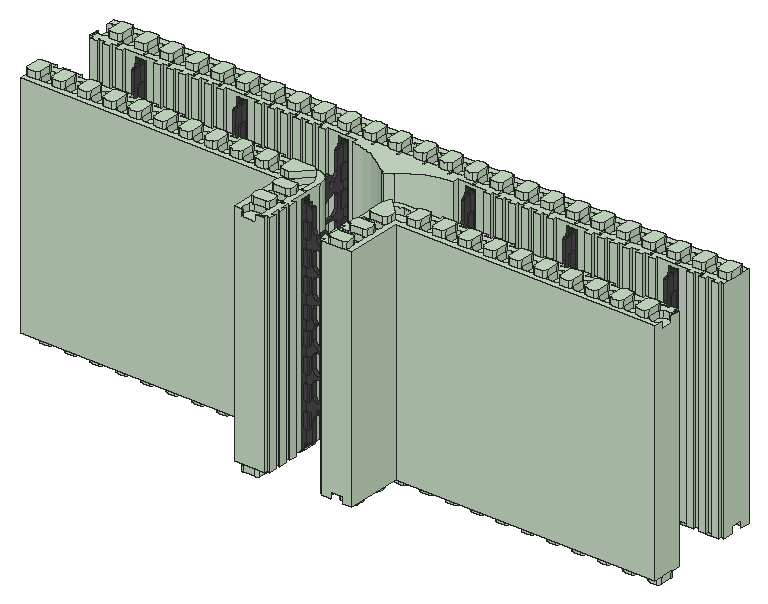
Revit family (continued)
Forms (mm)
  Extrusion 52, void
    sketch origin (127.301, -50.478, 0) x (0, -1, 0) y (1, 0, 0)
      loop
        arc (-94.024, -652.1) -> (-93.737, -645.691) -> (-94.972, -639.396) r 26.988
        arc (-94.972, -639.396) -> (-97.278, -636.215) -> (-101.014, -635) r 6.35
        line (-101.014, -635) -> (-124.411, -635)
        arc (-124.411, -635) -> (-128.147, -636.215) -> (-130.453, -639.396) r 6.35
    from 457.2 to 444.5
  Extrusion 53, void
    sketch origin (-888.698, 0.323, 0) x (0, 1, 0) y (-1, 0, 0)
      loop
        arc (-130.453, -639.396) -> (-131.763, -647.7) -> (-130.453, -656.003) r 26.987
        arc (-130.453, -656.003) -> (-128.147, -659.184) -> (-124.411, -660.4) r 6.35
        line (-124.411, -660.4) -> (-101.014, -660.4)
        arc (-101.014, -660.4) -> (-98.696, -659.961) -> (-96.698, -658.708) r 6.35
        arc (-96.698, -658.708) -> (-96.199, -658.394) -> (-95.62, -658.285) r 1.588
        line (-95.62, -658.285) -> (-86.829, -658.285) -> (-86.829, -653.946) -> (-92.457, -653.946)
        arc (-92.457, -653.946) -> (-93.668, -653.385) -> (-94.024, -652.1) r 1.588
        arc (-94.024, -652.1) -> (-93.737, -645.691) -> (-94.972, -639.396) r 26.988
        arc (-94.972, -639.396) -> (-97.278, -636.215) -> (-101.014, -635) r 6.35
        line (-101.014, -635) -> (-124.411, -635)
        arc (-124.411, -635) -> (-128.147, -636.215) -> (-130.453, -639.396) r 6.35
    from 457.2 to 444.5
  Extrusion 54, void
    sketch origin (-939.498, 0.323, 0) x (0, 1, 0) y (-1, 0, 0)
      loop
        arc (-130.453, -639.396) -> (-131.763, -647.7) -> (-130.453, -656.003) r 26.987
        arc (-130.453, -656.003) -> (-128.147, -659.184) -> (-124.411, -660.4) r 6.35
        line (-124.411, -660.4) -> (-101.014, -660.4)
        arc (-101.014, -660.4) -> (-98.696, -659.961) -> (-96.698, -658.708) r 6.35
        arc (-96.698, -658.708) -> (-96.199, -658.394) -> (-95.62, -658.285) r 1.588
        line (-95.62, -658.285) -> (-86.829, -658.285) -> (-86.829, -653.946) -> (-92.457, -653.946)
        arc (-92.457, -653.946) -> (-93.668, -653.385) -> (-94.024, -652.1) r 1.588
        arc (-94.024, -652.1) -> (-93.737, -645.691) -> (-94.972, -639.396) r 26.988
        arc (-94.972, -639.396) -> (-97.278, -636.215) -> (-101.014, -635) r 6.35
        line (-101.014, -635) -> (-124.411, -635)
        arc (-124.411, -635) -> (-128.147, -636.215) -> (-130.453, -639.396) r 6.35
    from 457.2 to 444.5
  Extrusion 55, void
    sketch origin (-990.298, 0.323, 0) x (0, 1, 0) y (-1, 0, 0)
      loop
        arc (-130.453, -639.396) -> (-131.763, -647.7) -> (-130.453, -656.003) r 26.987
        arc (-130.453, -656.003) -> (-128.147, -659.184) -> (-124.411, -660.4) r 6.35
        line (-124.411, -660.4) -> (-101.014, -660.4)
        arc (-101.014, -660.4) -> (-98.696, -659.961) -> (-96.698, -658.708) r 6.35
        arc (-96.698, -658.708) -> (-96.199, -658.394) -> (-95.62, -658.285) r 1.588
        line (-95.62, -658.285) -> (-86.829, -658.285) -> (-86.829, -653.946) -> (-92.457, -653.946)
        arc (-92.457, -653.946) -> (-93.668, -653.385) -> (-94.024, -652.1) r 1.588
        arc (-94.024, -652.1) -> (-93.737, -645.691) -> (-94.972, -639.396) r 26.988
        arc (-94.972, -639.396) -> (-97.278, -636.215) -> (-101.014, -635) r 6.35
        line (-101.014, -635) -> (-124.411, -635)
        arc (-124.411, -635) -> (-128.147, -636.215) -> (-130.453, -639.396) r 6.35
    from 457.2 to 444.5
  Extrusion 56, void
    sketch origin (-1041.098, 0.323, 0) x (0, 1, 0) y (-1, 0, 0)
      loop
        arc (-130.453, -639.396) -> (-131.763, -647.7) -> (-130.453, -656.003) r 26.987
        arc (-130.453, -656.003) -> (-128.147, -659.184) -> (-124.411, -660.4) r 6.35
        line (-124.411, -660.4) -> (-101.014, -660.4)
        arc (-101.014, -660.4) -> (-98.696, -659.961) -> (-96.698, -658.708) r 6.35
        arc (-96.698, -658.708) -> (-96.199, -658.394) -> (-95.62, -658.285) r 1.588
        line (-95.62, -658.285) -> (-86.829, -658.285) -> (-86.829, -653.946) -> (-92.457, -653.946)
        arc (-92.457, -653.946) -> (-93.668, -653.385) -> (-94.024, -652.1) r 1.588
        arc (-94.024, -652.1) -> (-93.737, -645.691) -> (-94.972, -639.396) r 26.988
        arc (-94.972, -639.396) -> (-97.278, -636.215) -> (-101.014, -635) r 6.35
        line (-101.014, -635) -> (-124.411, -635)
        arc (-124.411, -635) -> (-128.147, -636.215) -> (-130.453, -639.396) r 6.35
    from 457.2 to 444.5
  Extrusion 57, void
    sketch origin (-1091.898, 0.323, 0) x (0, 1, 0) y (-1, 0, 0)
      loop
        arc (-130.453, -639.396) -> (-131.763, -647.7) -> (-130.453, -656.003) r 26.987
        arc (-130.453, -656.003) -> (-128.147, -659.184) -> (-124.411, -660.4) r 6.35
        line (-124.411, -660.4) -> (-101.014, -660.4)
        arc (-101.014, -660.4) -> (-98.696, -659.961) -> (-96.698, -658.708) r 6.35
        arc (-96.698, -658.708) -> (-96.199, -658.394) -> (-95.62, -658.285) r 1.588
        line (-95.62, -658.285) -> (-86.829, -658.285) -> (-86.829, -653.946) -> (-92.457, -653.946)
        arc (-92.457, -653.946) -> (-93.668, -653.385) -> (-94.024, -652.1) r 1.588
        arc (-94.024, -652.1) -> (-93.737, -645.691) -> (-94.972, -639.396) r 26.988
        arc (-94.972, -639.396) -> (-97.278, -636.215) -> (-101.014, -635) r 6.35
        line (-101.014, -635) -> (-124.411, -635)
        arc (-124.411, -635) -> (-128.147, -636.215) -> (-130.453, -639.396) r 6.35
    from 457.2 to 444.5
  Extrusion 58, void
    sketch origin (-1142.698, 0.323, 0) x (0, 1, 0) y (-1, 0, 0)
      loop
        arc (-130.453, -639.396) -> (-131.763, -647.7) -> (-130.453, -656.003) r 26.987
        arc (-130.453, -656.003) -> (-128.147, -659.184) -> (-124.411, -660.4) r 6.35
        line (-124.411, -660.4) -> (-101.014, -660.4)
        arc (-101.014, -660.4) -> (-98.696, -659.961) -> (-96.698, -658.708) r 6.35
        arc (-96.698, -658.708) -> (-96.199, -658.394) -> (-95.62, -658.285) r 1.588
        line (-95.62, -658.285) -> (-86.829, -658.285) -> (-86.829, -653.946) -> (-92.457, -653.946)
        arc (-92.457, -653.946) -> (-93.668, -653.385) -> (-94.024, -652.1) r 1.588
        arc (-94.024, -652.1) -> (-93.737, -645.691) -> (-94.972, -639.396) r 26.988
        arc (-94.972, -639.396) -> (-97.278, -636.215) -> (-101.014, -635) r 6.35
        line (-101.014, -635) -> (-124.411, -635)
        arc (-124.411, -635) -> (-128.147, -636.215) -> (-130.453, -639.396) r 6.35
    from 457.2 to 444.5
  Extrusion 59, void
    sketch origin (-1193.498, 0.323, 0) x (0, 1, 0) y (-1, 0, 0)
      loop
        arc (-130.453, -639.396) -> (-131.763, -647.7) -> (-130.453, -656.003) r 26.987
        arc (-130.453, -656.003) -> (-128.147, -659.184) -> (-124.411, -660.4) r 6.35
        line (-124.411, -660.4) -> (-101.014, -660.4)
        arc (-101.014, -660.4) -> (-98.696, -659.961) -> (-96.698, -658.708) r 6.35
        arc (-96.698, -658.708) -> (-96.199, -658.394) -> (-95.62, -658.285) r 1.588
        line (-95.62, -658.285) -> (-86.829, -658.285) -> (-86.829, -653.946) -> (-92.457, -653.946)
        arc (-92.457, -653.946) -> (-93.668, -653.385) -> (-94.024, -652.1) r 1.588
        arc (-94.024, -652.1) -> (-93.737, -645.691) -> (-94.972, -639.396) r 26.988
        arc (-94.972, -639.396) -> (-97.278, -636.215) -> (-101.014, -635) r 6.35
        line (-101.014, -635) -> (-124.411, -635)
        arc (-124.411, -635) -> (-128.147, -636.215) -> (-130.453, -639.396) r 6.35
    from 457.2 to 444.5
  Extrusion 60, void
    sketch origin (-1244.298, 0.323, 0) x (0, 1, 0) y (-1, 0, 0)
      loop
        arc (-130.453, -639.396) -> (-131.763, -647.7) -> (-130.453, -656.003) r 26.987
        arc (-130.453, -656.003) -> (-128.147, -659.184) -> (-124.411, -660.4) r 6.35
        line (-124.411, -660.4) -> (-101.014, -660.4)
        arc (-101.014, -660.4) -> (-98.696, -659.961) -> (-96.698, -658.708) r 6.35
        arc (-96.698, -658.708) -> (-96.199, -658.394) -> (-95.62, -658.285) r 1.588
        line (-95.62, -658.285) -> (-86.829, -658.285) -> (-86.829, -653.946) -> (-92.457, -653.946)
        arc (-92.457, -653.946) -> (-93.668, -653.385) -> (-94.024, -652.1) r 1.588
        arc (-94.024, -652.1) -> (-93.737, -645.691) -> (-94.972, -639.396) r 26.988
        arc (-94.972, -639.396) -> (-97.278, -636.215) -> (-101.014, -635) r 6.35
        line (-101.014, -635) -> (-124.411, -635)
        arc (-124.411, -635) -> (-128.147, -636.215) -> (-130.453, -639.396) r 6.35
    from 457.2 to 444.5
  Extrusion 61, void
    sketch origin (-380.698, 0.323, 0) x (0, 1, 0) y (-1, 0, 0)
      loop
        arc (-130.453, -639.396) -> (-131.763, -647.7) -> (-130.453, -656.003) r 26.987
        arc (-130.453, -656.003) -> (-128.147, -659.184) -> (-124.411, -660.4) r 6.35
        line (-124.411, -660.4) -> (-101.014, -660.4)
        arc (-101.014, -660.4) -> (-98.696, -659.961) -> (-96.698, -658.708) r 6.35
        arc (-96.698, -658.708) -> (-96.199, -658.394) -> (-95.62, -658.285) r 1.588
        line (-95.62, -658.285) -> (-86.829, -658.285) -> (-86.829, -653.946) -> (-92.457, -653.946)
        arc (-92.457, -653.946) -> (-93.668, -653.385) -> (-94.024, -652.1) r 1.588
        arc (-94.024, -652.1) -> (-93.737, -645.691) -> (-94.972, -639.396) r 26.988
        arc (-94.972, -639.396) -> (-97.278, -636.215) -> (-101.014, -635) r 6.35
        line (-101.014, -635) -> (-124.411, -635)
        arc (-124.411, -635) -> (-128.147, -636.215) -> (-130.453, -639.396) r 6.35
    from 457.2 to 444.5
  Extrusion 62, void
    sketch origin (-329.898, 0.323, 0) x (0, 1, 0) y (-1, 0, 0)
      loop
        arc (-130.453, -639.396) -> (-131.763, -647.7) -> (-130.453, -656.003) r 26.987
        arc (-130.453, -656.003) -> (-128.147, -659.184) -> (-124.411, -660.4) r 6.35
        line (-124.411, -660.4) -> (-101.014, -660.4)
        arc (-101.014, -660.4) -> (-98.696, -659.961) -> (-96.698, -658.708) r 6.35
        arc (-96.698, -658.708) -> (-96.199, -658.394) -> (-95.62, -658.285) r 1.588
        line (-95.62, -658.285) -> (-86.829, -658.285) -> (-86.829, -653.946) -> (-92.457, -653.946)
        arc (-92.457, -653.946) -> (-93.668, -653.385) -> (-94.024, -652.1) r 1.588
        arc (-94.024, -652.1) -> (-93.737, -645.691) -> (-94.972, -639.396) r 26.988
        arc (-94.972, -639.396) -> (-97.278, -636.215) -> (-101.014, -635) r 6.35
        line (-101.014, -635) -> (-124.411, -635)
        arc (-124.411, -635) -> (-128.147, -636.215) -> (-130.453, -639.396) r 6.35
    from 457.2 to 444.5
  Extrusion 63, void
    sketch origin (-279.098, 0.323, 0) x (0, 1, 0) y (-1, 0, 0)
      loop
        arc (-130.453, -639.396) -> (-131.763, -647.7) -> (-130.453, -656.003) r 26.987
        arc (-130.453, -656.003) -> (-128.147, -659.184) -> (-124.411, -660.4) r 6.35
        line (-124.411, -660.4) -> (-101.014, -660.4)
        arc (-101.014, -660.4) -> (-98.696, -659.961) -> (-96.698, -658.708) r 6.35
        arc (-96.698, -658.708) -> (-96.199, -658.394) -> (-95.62, -658.285) r 1.588
        line (-95.62, -658.285) -> (-86.829, -658.285) -> (-86.829, -653.946) -> (-92.457, -653.946)
        arc (-92.457, -653.946) -> (-93.668, -653.385) -> (-94.024, -652.1) r 1.588
        arc (-94.024, -652.1) -> (-93.737, -645.691) -> (-94.972, -639.396) r 26.988
        arc (-94.972, -639.396) -> (-97.278, -636.215) -> (-101.014, -635) r 6.35
        line (-101.014, -635) -> (-124.411, -635)
        arc (-124.411, -635) -> (-128.147, -636.215) -> (-130.453, -639.396) r 6.35
    from 457.2 to 444.5
  Extrusion 64, void
    sketch origin (-228.298, 0.323, 0) x (0, 1, 0) y (-1, 0, 0)
      loop
        arc (-130.453, -639.396) -> (-131.763, -647.7) -> (-130.453, -656.003) r 26.987
        arc (-130.453, -656.003) -> (-128.147, -659.184) -> (-124.411, -660.4) r 6.35
        line (-124.411, -660.4) -> (-101.014, -660.4)
        arc (-101.014, -660.4) -> (-98.696, -659.961) -> (-96.698, -658.708) r 6.35
        arc (-96.698, -658.708) -> (-96.199, -658.394) -> (-95.62, -658.285) r 1.588
        line (-95.62, -658.285) -> (-86.829, -658.285) -> (-86.829, -653.946) -> (-92.457, -653.946)
        arc (-92.457, -653.946) -> (-93.668, -653.385) -> (-94.024, -652.1) r 1.588
        arc (-94.024, -652.1) -> (-93.737, -645.691) -> (-94.972, -639.396) r 26.988
        arc (-94.972, -639.396) -> (-97.278, -636.215) -> (-101.014, -635) r 6.35
        line (-101.014, -635) -> (-124.411, -635)
        arc (-124.411, -635) -> (-128.147, -636.215) -> (-130.453, -639.396) r 6.35
    from 457.2 to 444.5
  Extrusion 65, void
    sketch origin (-177.498, 0.323, 0) x (0, 1, 0) y (-1, 0, 0)
      loop
        arc (-130.453, -639.396) -> (-131.763, -647.7) -> (-130.453, -656.003) r 26.987
        arc (-130.453, -656.003) -> (-128.147, -659.184) -> (-124.411, -660.4) r 6.35
        line (-124.411, -660.4) -> (-101.014, -660.4)
        arc (-101.014, -660.4) -> (-98.696, -659.961) -> (-96.698, -658.708) r 6.35
        arc (-96.698, -658.708) -> (-96.199, -658.394) -> (-95.62, -658.285) r 1.588
        line (-95.62, -658.285) -> (-86.829, -658.285) -> (-86.829, -653.946) -> (-92.457, -653.946)
        arc (-92.457, -653.946) -> (-93.668, -653.385) -> (-94.024, -652.1) r 1.588
        arc (-94.024, -652.1) -> (-93.737, -645.691) -> (-94.972, -639.396) r 26.988
        arc (-94.972, -639.396) -> (-97.278, -636.215) -> (-101.014, -635) r 6.35
        line (-101.014, -635) -> (-124.411, -635)
        arc (-124.411, -635) -> (-128.147, -636.215) -> (-130.453, -639.396) r 6.35
    from 457.2 to 444.5
  Extrusion 66, void
    sketch origin (-126.698, 0.323, 0) x (0, 1, 0) y (-1, 0, 0)
      loop
        arc (-130.453, -639.396) -> (-131.763, -647.7) -> (-130.453, -656.003) r 26.987
        arc (-130.453, -656.003) -> (-128.147, -659.184) -> (-124.411, -660.4) r 6.35
        line (-124.411, -660.4) -> (-101.014, -660.4)
        arc (-101.014, -660.4) -> (-98.696, -659.961) -> (-96.698, -658.708) r 6.35
        arc (-96.698, -658.708) -> (-96.199, -658.394) -> (-95.62, -658.285) r 1.588
        line (-95.62, -658.285) -> (-86.829, -658.285) -> (-86.829, -653.946) -> (-92.457, -653.946)
        arc (-92.457, -653.946) -> (-93.668, -653.385) -> (-94.024, -652.1) r 1.588
        arc (-94.024, -652.1) -> (-93.737, -645.691) -> (-94.972, -639.396) r 26.988
        arc (-94.972, -639.396) -> (-97.278, -636.215) -> (-101.014, -635) r 6.35
        line (-101.014, -635) -> (-124.411, -635)
        arc (-124.411, -635) -> (-128.147, -636.215) -> (-130.453, -639.396) r 6.35
    from 457.2 to 444.5
  Extrusion 67, void
    sketch origin (-75.898, 0.323, 0) x (0, 1, 0) y (-1, 0, 0)
      loop
        arc (-130.453, -639.396) -> (-131.763, -647.7) -> (-130.453, -656.003) r 26.987
        arc (-130.453, -656.003) -> (-128.147, -659.184) -> (-124.411, -660.4) r 6.35
        line (-124.411, -660.4) -> (-101.014, -660.4)
        arc (-101.014, -660.4) -> (-98.696, -659.961) -> (-96.698, -658.708) r 6.35
        arc (-96.698, -658.708) -> (-96.199, -658.394) -> (-95.62, -658.285) r 1.588
        line (-95.62, -658.285) -> (-86.829, -658.285) -> (-86.829, -653.946) -> (-92.457, -653.946)
        arc (-92.457, -653.946) -> (-93.668, -653.385) -> (-94.024, -652.1) r 1.588
        arc (-94.024, -652.1) -> (-93.737, -645.691) -> (-94.972, -639.396) r 26.988
        arc (-94.972, -639.396) -> (-97.278, -636.215) -> (-101.014, -635) r 6.35
        line (-101.014, -635) -> (-124.411, -635)
        arc (-124.411, -635) -> (-128.147, -636.215) -> (-130.453, -639.396) r 6.35
    from 457.2 to 444.5
  Extrusion 68, void
    sketch origin (-25.098, 0.323, 0) x (0, 1, 0) y (-1, 0, 0)
      loop
        arc (-130.453, -639.396) -> (-131.763, -647.7) -> (-130.453, -656.003) r 26.987
        arc (-130.453, -656.003) -> (-128.147, -659.184) -> (-124.411, -660.4) r 6.35
        line (-124.411, -660.4) -> (-101.014, -660.4)
        arc (-101.014, -660.4) -> (-98.696, -659.961) -> (-96.698, -658.708) r 6.35
        arc (-96.698, -658.708) -> (-96.199, -658.394) -> (-95.62, -658.285) r 1.588
        line (-95.62, -658.285) -> (-86.829, -658.285) -> (-86.829, -653.946) -> (-92.457, -653.946)
        arc (-92.457, -653.946) -> (-93.668, -653.385) -> (-94.024, -652.1) r 1.588
        arc (-94.024, -652.1) -> (-93.737, -645.691) -> (-94.972, -639.396) r 26.988
        arc (-94.972, -639.396) -> (-97.278, -636.215) -> (-101.014, -635) r 6.35
        line (-101.014, -635) -> (-124.411, -635)
        arc (-124.411, -635) -> (-128.147, -636.215) -> (-130.453, -639.396) r 6.35
    from 457.2 to 444.5
  Extrusion 69, void
    sketch origin (990.901, -50.478, 0) x (0, -1, 0) y (1, 0, 0)
      loop
        arc (-130.453, -639.396) -> (-131.763, -647.7) -> (-130.453, -656.003) r 26.987
        arc (-130.453, -656.003) -> (-128.147, -659.184) -> (-124.411, -660.4) r 6.35
        line (-124.411, -660.4) -> (-101.014, -660.4)
        arc (-101.014, -660.4) -> (-98.696, -659.961) -> (-96.698, -658.708) r 6.35
        arc (-96.698, -658.708) -> (-96.199, -658.394) -> (-95.62, -658.285) r 1.588
        line (-95.62, -658.285) -> (-86.829, -658.285) -> (-86.829, -653.946) -> (-92.457, -653.946)
        arc (-92.457, -653.946) -> (-93.668, -653.385) -> (-94.024, -652.1) r 1.588
        arc (-94.024, -652.1) -> (-93.737, -645.691) -> (-94.972, -639.396) r 26.988
        arc (-94.972, -639.396) -> (-97.278, -636.215) -> (-101.014, -635) r 6.35
        line (-101.014, -635) -> (-124.411, -635)
        arc (-124.411, -635) -> (-128.147, -636.215) -> (-130.453, -639.396) r 6.35
    from 457.2 to 444.5
  Extrusion 70, void
    sketch origin (1041.701, -50.478, 0) x (0, -1, 0) y (1, 0, 0)
      loop
        arc (-130.453, -639.396) -> (-131.763, -647.7) -> (-130.453, -656.003) r 26.987
        arc (-130.453, -656.003) -> (-128.147, -659.184) -> (-124.411, -660.4) r 6.35
        line (-124.411, -660.4) -> (-101.014, -660.4)
        arc (-101.014, -660.4) -> (-98.696, -659.961) -> (-96.698, -658.708) r 6.35
        arc (-96.698, -658.708) -> (-96.199, -658.394) -> (-95.62, -658.285) r 1.588
        line (-95.62, -658.285) -> (-86.829, -658.285) -> (-86.829, -653.946) -> (-92.457, -653.946)
        arc (-92.457, -653.946) -> (-93.668, -653.385) -> (-94.024, -652.1) r 1.588
        arc (-94.024, -652.1) -> (-93.737, -645.691) -> (-94.972, -639.396) r 26.988
        arc (-94.972, -639.396) -> (-97.278, -636.215) -> (-101.014, -635) r 6.35
        line (-101.014, -635) -> (-124.411, -635)
        arc (-124.411, -635) -> (-128.147, -636.215) -> (-130.453, -639.396) r 6.35
    from 457.2 to 444.5
  Extrusion 71, void
    sketch origin (1092.501, -50.478, 0) x (0, -1, 0) y (1, 0, 0)
      loop
        arc (-130.453, -639.396) -> (-131.763, -647.7) -> (-130.453, -656.003) r 26.987
        arc (-130.453, -656.003) -> (-128.147, -659.184) -> (-124.411, -660.4) r 6.35
        line (-124.411, -660.4) -> (-101.014, -660.4)
        arc (-101.014, -660.4) -> (-98.696, -659.961) -> (-96.698, -658.708) r 6.35
        arc (-96.698, -658.708) -> (-96.199, -658.394) -> (-95.62, -658.285) r 1.588
        line (-95.62, -658.285) -> (-86.829, -658.285) -> (-86.829, -653.946) -> (-92.457, -653.946)
        arc (-92.457, -653.946) -> (-93.668, -653.385) -> (-94.024, -652.1) r 1.588
        arc (-94.024, -652.1) -> (-93.737, -645.691) -> (-94.972, -639.396) r 26.988
        arc (-94.972, -639.396) -> (-97.278, -636.215) -> (-101.014, -635) r 6.35
        line (-101.014, -635) -> (-124.411, -635)
        arc (-124.411, -635) -> (-128.147, -636.215) -> (-130.453, -639.396) r 6.35
    from 457.2 to 444.5
  Extrusion 72, void
    sketch origin (1143.301, -50.478, 0) x (0, -1, 0) y (1, 0, 0)
      loop
        arc (-130.453, -639.396) -> (-131.763, -647.7) -> (-130.453, -656.003) r 26.987
        arc (-130.453, -656.003) -> (-128.147, -659.184) -> (-124.411, -660.4) r 6.35
        line (-124.411, -660.4) -> (-101.014, -660.4)
        arc (-101.014, -660.4) -> (-98.696, -659.961) -> (-96.698, -658.708) r 6.35
        arc (-96.698, -658.708) -> (-96.199, -658.394) -> (-95.62, -658.285) r 1.588
        line (-95.62, -658.285) -> (-86.829, -658.285) -> (-86.829, -653.946) -> (-92.457, -653.946)
        arc (-92.457, -653.946) -> (-93.668, -653.385) -> (-94.024, -652.1) r 1.588
        arc (-94.024, -652.1) -> (-93.737, -645.691) -> (-94.972, -639.396) r 26.988
        arc (-94.972, -639.396) -> (-97.278, -636.215) -> (-101.014, -635) r 6.35
        line (-101.014, -635) -> (-124.411, -635)
        arc (-124.411, -635) -> (-128.147, -636.215) -> (-130.453, -639.396) r 6.35
    from 457.2 to 444.5
  Extrusion 73, void
    sketch origin (1194.101, -50.478, 0) x (0, -1, 0) y (1, 0, 0)
      loop
        arc (-130.453, -639.396) -> (-131.763, -647.7) -> (-130.453, -656.003) r 26.987
        arc (-130.453, -656.003) -> (-128.147, -659.184) -> (-124.411, -660.4) r 6.35
        line (-124.411, -660.4) -> (-101.014, -660.4)
        arc (-101.014, -660.4) -> (-98.696, -659.961) -> (-96.698, -658.708) r 6.35
        arc (-96.698, -658.708) -> (-96.199, -658.394) -> (-95.62, -658.285) r 1.588
        line (-95.62, -658.285) -> (-86.829, -658.285) -> (-86.829, -653.946) -> (-92.457, -653.946)
        arc (-92.457, -653.946) -> (-93.668, -653.385) -> (-94.024, -652.1) r 1.588
        arc (-94.024, -652.1) -> (-93.737, -645.691) -> (-94.972, -639.396) r 26.988
        arc (-94.972, -639.396) -> (-97.278, -636.215) -> (-101.014, -635) r 6.35
        line (-101.014, -635) -> (-124.411, -635)
        arc (-124.411, -635) -> (-128.147, -636.215) -> (-130.453, -639.396) r 6.35
    from 457.2 to 444.5
  Extrusion 74, void
    sketch origin (1244.901, -50.478, 0) x (0, -1, 0) y (1, 0, 0)
      loop
        arc (-130.453, -639.396) -> (-131.763, -647.7) -> (-130.453, -656.003) r 26.987
        arc (-130.453, -656.003) -> (-128.147, -659.184) -> (-124.411, -660.4) r 6.35
        line (-124.411, -660.4) -> (-101.014, -660.4)
        arc (-101.014, -660.4) -> (-98.696, -659.961) -> (-96.698, -658.708) r 6.35
        arc (-96.698, -658.708) -> (-96.199, -658.394) -> (-95.62, -658.285) r 1.588
        line (-95.62, -658.285) -> (-86.829, -658.285) -> (-86.829, -653.946) -> (-92.457, -653.946)
        arc (-92.457, -653.946) -> (-93.668, -653.385) -> (-94.024, -652.1) r 1.588
        arc (-94.024, -652.1) -> (-93.737, -645.691) -> (-94.972, -639.396) r 26.988
        arc (-94.972, -639.396) -> (-97.278, -636.215) -> (-101.014, -635) r 6.35
        line (-101.014, -635) -> (-124.411, -635)
        arc (-124.411, -635) -> (-128.147, -636.215) -> (-130.453, -639.396) r 6.35
    from 457.2 to 444.5
  Extrusion 75, void
    sketch origin (940.101, -50.478, 0) x (0, -1, 0) y (1, 0, 0)
      loop
        arc (-130.453, -639.396) -> (-131.763, -647.7) -> (-130.453, -656.003) r 26.987
        arc (-130.453, -656.003) -> (-128.147, -659.184) -> (-124.411, -660.4) r 6.35
        line (-124.411, -660.4) -> (-101.014, -660.4)
        arc (-101.014, -660.4) -> (-98.696, -659.961) -> (-96.698, -658.708) r 6.35
        arc (-96.698, -658.708) -> (-96.199, -658.394) -> (-95.62, -658.285) r 1.588
        line (-95.62, -658.285) -> (-86.829, -658.285) -> (-86.829, -653.946) -> (-92.457, -653.946)
        arc (-92.457, -653.946) -> (-93.668, -653.385) -> (-94.024, -652.1) r 1.588
        arc (-94.024, -652.1) -> (-93.737, -645.691) -> (-94.972, -639.396) r 26.988
        arc (-94.972, -639.396) -> (-97.278, -636.215) -> (-101.014, -635) r 6.35
        line (-101.014, -635) -> (-124.411, -635)
        arc (-124.411, -635) -> (-128.147, -636.215) -> (-130.453, -639.396) r 6.35
    from 457.2 to 444.5
  Extrusion 76, void
    sketch origin (381.301, 0.323, 0) x (0, 1, 0) y (-1, 0, 0)
      loop
        arc (-130.453, 639.396) -> (-128.147, 636.215) -> (-124.411, 635) r 6.35
        line (-124.411, 635) -> (-101.014, 635)
        arc (-101.014, 635) -> (-97.278, 636.215) -> (-94.972, 639.396) r 6.35
        arc (-94.972, 639.396) -> (-93.737, 645.691) -> (-94.024, 652.1) r 26.988
        arc (-94.024, 652.1) -> (-93.668, 653.385) -> (-92.457, 653.946) r 1.588
        line (-92.457, 653.946) -> (-86.829, 653.946) -> (-86.829, 658.285) -> (-95.62, 658.285)
        arc (-95.62, 658.285) -> (-96.199, 658.394) -> (-96.698, 658.708) r 1.588
        arc (-96.698, 658.708) -> (-98.696, 659.961) -> (-101.014, 660.4) r 6.35
        line (-101.014, 660.4) -> (-124.411, 660.4)
        arc (-124.411, 660.4) -> (-128.147, 659.184) -> (-130.453, 656.003) r 6.35
        arc (-130.453, 656.003) -> (-131.763, 647.7) -> (-130.453, 639.396) r 26.987
    from 0 to 12.7
  Extrusion 77, void
    sketch origin (330.501, 0.323, 0) x (0, 1, 0) y (-1, 0, 0)
      loop
        arc (-130.453, 639.396) -> (-128.147, 636.215) -> (-124.411, 635) r 6.35
        line (-124.411, 635) -> (-101.014, 635)
        arc (-101.014, 635) -> (-97.278, 636.215) -> (-94.972, 639.396) r 6.35
        arc (-94.972, 639.396) -> (-93.737, 645.691) -> (-94.024, 652.1) r 26.988
        arc (-94.024, 652.1) -> (-93.668, 653.385) -> (-92.457, 653.946) r 1.588
        line (-92.457, 653.946) -> (-86.829, 653.946) -> (-86.829, 658.285) -> (-95.62, 658.285)
        arc (-95.62, 658.285) -> (-96.199, 658.394) -> (-96.698, 658.708) r 1.588
        arc (-96.698, 658.708) -> (-98.696, 659.961) -> (-101.014, 660.4) r 6.35
        line (-101.014, 660.4) -> (-124.411, 660.4)
        arc (-124.411, 660.4) -> (-128.147, 659.184) -> (-130.453, 656.003) r 6.35
        arc (-130.453, 656.003) -> (-131.763, 647.7) -> (-130.453, 639.396) r 26.987
    from 0 to 12.7
  Extrusion 78, void
    sketch origin (279.701, 0.323, 0) x (0, 1, 0) y (-1, 0, 0)
      loop
        arc (-130.453, 639.396) -> (-128.147, 636.215) -> (-124.411, 635) r 6.35
        line (-124.411, 635) -> (-101.014, 635)
        arc (-101.014, 635) -> (-97.278, 636.215) -> (-94.972, 639.396) r 6.35
        arc (-94.972, 639.396) -> (-93.737, 645.691) -> (-94.024, 652.1) r 26.988
        arc (-94.024, 652.1) -> (-93.668, 653.385) -> (-92.457, 653.946) r 1.588
        line (-92.457, 653.946) -> (-86.829, 653.946) -> (-86.829, 658.285) -> (-95.62, 658.285)
        arc (-95.62, 658.285) -> (-96.199, 658.394) -> (-96.698, 658.708) r 1.588
        arc (-96.698, 658.708) -> (-98.696, 659.961) -> (-101.014, 660.4) r 6.35
        line (-101.014, 660.4) -> (-124.411, 660.4)
        arc (-124.411, 660.4) -> (-128.147, 659.184) -> (-130.453, 656.003) r 6.35
        arc (-130.453, 656.003) -> (-131.763, 647.7) -> (-130.453, 639.396) r 26.987
    from 0 to 12.7
  Extrusion 79, void
    sketch origin (228.901, 0.323, 0) x (0, 1, 0) y (-1, 0, 0)
      loop
        arc (-130.453, 639.396) -> (-128.147, 636.215) -> (-124.411, 635) r 6.35
        line (-124.411, 635) -> (-101.014, 635)
        arc (-101.014, 635) -> (-97.278, 636.215) -> (-94.972, 639.396) r 6.35
        arc (-94.972, 639.396) -> (-93.737, 645.691) -> (-94.024, 652.1) r 26.988
        arc (-94.024, 652.1) -> (-93.668, 653.385) -> (-92.457, 653.946) r 1.588
        line (-92.457, 653.946) -> (-86.829, 653.946) -> (-86.829, 658.285) -> (-95.62, 658.285)
        arc (-95.62, 658.285) -> (-96.199, 658.394) -> (-96.698, 658.708) r 1.588
        arc (-96.698, 658.708) -> (-98.696, 659.961) -> (-101.014, 660.4) r 6.35
        line (-101.014, 660.4) -> (-124.411, 660.4)
        arc (-124.411, 660.4) -> (-128.147, 659.184) -> (-130.453, 656.003) r 6.35
        arc (-130.453, 656.003) -> (-131.763, 647.7) -> (-130.453, 639.396) r 26.987
    from 0 to 12.7
  Extrusion 80, void
    sketch origin (178.101, 0.323, 0) x (0, 1, 0) y (-1, 0, 0)
      loop
        arc (-130.453, 639.396) -> (-128.147, 636.215) -> (-124.411, 635) r 6.35
        line (-124.411, 635) -> (-101.014, 635)
        arc (-101.014, 635) -> (-97.278, 636.215) -> (-94.972, 639.396) r 6.35
        arc (-94.972, 639.396) -> (-93.737, 645.691) -> (-94.024, 652.1) r 26.988
        arc (-94.024, 652.1) -> (-93.668, 653.385) -> (-92.457, 653.946) r 1.588
        line (-92.457, 653.946) -> (-86.829, 653.946) -> (-86.829, 658.285) -> (-95.62, 658.285)
        arc (-95.62, 658.285) -> (-96.199, 658.394) -> (-96.698, 658.708) r 1.588
        arc (-96.698, 658.708) -> (-98.696, 659.961) -> (-101.014, 660.4) r 6.35
        line (-101.014, 660.4) -> (-124.411, 660.4)
        arc (-124.411, 660.4) -> (-128.147, 659.184) -> (-130.453, 656.003) r 6.35
        arc (-130.453, 656.003) -> (-131.763, 647.7) -> (-130.453, 639.396) r 26.987
    from 0 to 12.7
  Extrusion 81, void
    sketch origin (127.301, 0.323, 0) x (0, 1, 0) y (-1, 0, 0)
      loop
        arc (-130.453, 639.396) -> (-128.147, 636.215) -> (-124.411, 635) r 6.35
        line (-124.411, 635) -> (-101.014, 635)
        arc (-101.014, 635) -> (-97.278, 636.215) -> (-94.972, 639.396) r 6.35
        arc (-94.972, 639.396) -> (-93.737, 645.691) -> (-94.024, 652.1) r 26.988
        arc (-94.024, 652.1) -> (-93.668, 653.385) -> (-92.457, 653.946) r 1.588
        line (-92.457, 653.946) -> (-86.829, 653.946) -> (-86.829, 658.285) -> (-95.62, 658.285)
        arc (-95.62, 658.285) -> (-96.199, 658.394) -> (-96.698, 658.708) r 1.588
        arc (-96.698, 658.708) -> (-98.696, 659.961) -> (-101.014, 660.4) r 6.35
        line (-101.014, 660.4) -> (-124.411, 660.4)
        arc (-124.411, 660.4) -> (-128.147, 659.184) -> (-130.453, 656.003) r 6.35
        arc (-130.453, 656.003) -> (-131.763, 647.7) -> (-130.453, 639.396) r 26.987
    from 0 to 12.7
  Extrusion 82, void
    sketch origin (76.501, 0.323, 0) x (0, 1, 0) y (-1, 0, 0)
      loop
        arc (-130.453, 639.396) -> (-128.147, 636.215) -> (-124.411, 635) r 6.35
        line (-124.411, 635) -> (-101.014, 635)
        arc (-101.014, 635) -> (-97.278, 636.215) -> (-94.972, 639.396) r 6.35
        arc (-94.972, 639.396) -> (-93.737, 645.691) -> (-94.024, 652.1) r 26.988
        arc (-94.024, 652.1) -> (-93.668, 653.385) -> (-92.457, 653.946) r 1.588
        line (-92.457, 653.946) -> (-86.829, 653.946) -> (-86.829, 658.285) -> (-95.62, 658.285)
        arc (-95.62, 658.285) -> (-96.199, 658.394) -> (-96.698, 658.708) r 1.588
        arc (-96.698, 658.708) -> (-98.696, 659.961) -> (-101.014, 660.4) r 6.35
        line (-101.014, 660.4) -> (-124.411, 660.4)
        arc (-124.411, 660.4) -> (-128.147, 659.184) -> (-130.453, 656.003) r 6.35
        arc (-130.453, 656.003) -> (-131.763, 647.7) -> (-130.453, 639.396) r 26.987
    from 0 to 12.7
  Extrusion 83, void
    sketch origin (25.701, 0.323, 0) x (0, 1, 0) y (-1, 0, 0)
      loop
        arc (-130.453, 639.396) -> (-128.147, 636.215) -> (-124.411, 635) r 6.35
        line (-124.411, 635) -> (-101.014, 635)
        arc (-101.014, 635) -> (-97.278, 636.215) -> (-94.972, 639.396) r 6.35
        arc (-94.972, 639.396) -> (-93.737, 645.691) -> (-94.024, 652.1) r 26.988
        arc (-94.024, 652.1) -> (-93.668, 653.385) -> (-92.457, 653.946) r 1.588
        line (-92.457, 653.946) -> (-86.829, 653.946) -> (-86.829, 658.285) -> (-95.62, 658.285)
        arc (-95.62, 658.285) -> (-96.199, 658.394) -> (-96.698, 658.708) r 1.588
        arc (-96.698, 658.708) -> (-98.696, 659.961) -> (-101.014, 660.4) r 6.35
        line (-101.014, 660.4) -> (-124.411, 660.4)
        arc (-124.411, 660.4) -> (-128.147, 659.184) -> (-130.453, 656.003) r 6.35
        arc (-130.453, 656.003) -> (-131.763, 647.7) -> (-130.453, 639.396) r 26.987
    from 0 to 12.7
  Extrusion 84, void
    sketch origin (889.301, 0.323, 0) x (0, 1, 0) y (-1, 0, 0)
      loop
        arc (-130.453, 639.396) -> (-128.147, 636.215) -> (-124.411, 635) r 6.35
        line (-124.411, 635) -> (-101.014, 635)
        arc (-101.014, 635) -> (-97.278, 636.215) -> (-94.972, 639.396) r 6.35
        arc (-94.972, 639.396) -> (-93.737, 645.691) -> (-94.024, 652.1) r 26.988
        arc (-94.024, 652.1) -> (-93.668, 653.385) -> (-92.457, 653.946) r 1.588
        line (-92.457, 653.946) -> (-86.829, 653.946) -> (-86.829, 658.285) -> (-95.62, 658.285)
        arc (-95.62, 658.285) -> (-96.199, 658.394) -> (-96.698, 658.708) r 1.588
        arc (-96.698, 658.708) -> (-98.696, 659.961) -> (-101.014, 660.4) r 6.35
        line (-101.014, 660.4) -> (-124.411, 660.4)
        arc (-124.411, 660.4) -> (-128.147, 659.184) -> (-130.453, 656.003) r 6.35
        arc (-130.453, 656.003) -> (-131.763, 647.7) -> (-130.453, 639.396) r 26.987
    from 0 to 12.7
  Extrusion 85, void
    sketch origin (940.101, 0.323, 0) x (0, 1, 0) y (-1, 0, 0)
      loop
        arc (-130.453, 639.396) -> (-128.147, 636.215) -> (-124.411, 635) r 6.35
        line (-124.411, 635) -> (-101.014, 635)
        arc (-101.014, 635) -> (-97.278, 636.215) -> (-94.972, 639.396) r 6.35
        arc (-94.972, 639.396) -> (-93.737, 645.691) -> (-94.024, 652.1) r 26.988
        arc (-94.024, 652.1) -> (-93.668, 653.385) -> (-92.457, 653.946) r 1.588
        line (-92.457, 653.946) -> (-86.829, 653.946) -> (-86.829, 658.285) -> (-95.62, 658.285)
        arc (-95.62, 658.285) -> (-96.199, 658.394) -> (-96.698, 658.708) r 1.588
        arc (-96.698, 658.708) -> (-98.696, 659.961) -> (-101.014, 660.4) r 6.35
        line (-101.014, 660.4) -> (-124.411, 660.4)
        arc (-124.411, 660.4) -> (-128.147, 659.184) -> (-130.453, 656.003) r 6.35
        arc (-130.453, 656.003) -> (-131.763, 647.7) -> (-130.453, 639.396) r 26.987
    from 0 to 12.7
  Extrusion 86, void
    sketch origin (990.901, 0.323, 0) x (0, 1, 0) y (-1, 0, 0)
      loop
        arc (-130.453, 639.396) -> (-128.147, 636.215) -> (-124.411, 635) r 6.35
        line (-124.411, 635) -> (-101.014, 635)
        arc (-101.014, 635) -> (-97.278, 636.215) -> (-94.972, 639.396) r 6.35
        arc (-94.972, 639.396) -> (-93.737, 645.691) -> (-94.024, 652.1) r 26.988
        arc (-94.024, 652.1) -> (-93.668, 653.385) -> (-92.457, 653.946) r 1.588
        line (-92.457, 653.946) -> (-86.829, 653.946) -> (-86.829, 658.285) -> (-95.62, 658.285)
        arc (-95.62, 658.285) -> (-96.199, 658.394) -> (-96.698, 658.708) r 1.588
        arc (-96.698, 658.708) -> (-98.696, 659.961) -> (-101.014, 660.4) r 6.35
        line (-101.014, 660.4) -> (-124.411, 660.4)
        arc (-124.411, 660.4) -> (-128.147, 659.184) -> (-130.453, 656.003) r 6.35
        arc (-130.453, 656.003) -> (-131.763, 647.7) -> (-130.453, 639.396) r 26.987
    from 0 to 12.7
  Extrusion 87, void
    sketch origin (1041.701, 0.323, 0) x (0, 1, 0) y (-1, 0, 0)
      loop
        arc (-130.453, 639.396) -> (-128.147, 636.215) -> (-124.411, 635) r 6.35
        line (-124.411, 635) -> (-101.014, 635)
        arc (-101.014, 635) -> (-97.278, 636.215) -> (-94.972, 639.396) r 6.35
        arc (-94.972, 639.396) -> (-93.737, 645.691) -> (-94.024, 652.1) r 26.988
        arc (-94.024, 652.1) -> (-93.668, 653.385) -> (-92.457, 653.946) r 1.588
        line (-92.457, 653.946) -> (-86.829, 653.946) -> (-86.829, 658.285) -> (-95.62, 658.285)
        arc (-95.62, 658.285) -> (-96.199, 658.394) -> (-96.698, 658.708) r 1.588
        arc (-96.698, 658.708) -> (-98.696, 659.961) -> (-101.014, 660.4) r 6.35
        line (-101.014, 660.4) -> (-124.411, 660.4)
        arc (-124.411, 660.4) -> (-128.147, 659.184) -> (-130.453, 656.003) r 6.35
        arc (-130.453, 656.003) -> (-131.763, 647.7) -> (-130.453, 639.396) r 26.987
    from 0 to 12.7
  Extrusion 88, void
    sketch origin (1092.501, 0.323, 0) x (0, 1, 0) y (-1, 0, 0)
      loop
        arc (-130.453, 639.396) -> (-128.147, 636.215) -> (-124.411, 635) r 6.35
        line (-124.411, 635) -> (-101.014, 635)
        arc (-101.014, 635) -> (-97.278, 636.215) -> (-94.972, 639.396) r 6.35
        arc (-94.972, 639.396) -> (-93.737, 645.691) -> (-94.024, 652.1) r 26.988
        arc (-94.024, 652.1) -> (-93.668, 653.385) -> (-92.457, 653.946) r 1.588
        line (-92.457, 653.946) -> (-86.829, 653.946) -> (-86.829, 658.285) -> (-95.62, 658.285)
        arc (-95.62, 658.285) -> (-96.199, 658.394) -> (-96.698, 658.708) r 1.588
        arc (-96.698, 658.708) -> (-98.696, 659.961) -> (-101.014, 660.4) r 6.35
        line (-101.014, 660.4) -> (-124.411, 660.4)
        arc (-124.411, 660.4) -> (-128.147, 659.184) -> (-130.453, 656.003) r 6.35
        arc (-130.453, 656.003) -> (-131.763, 647.7) -> (-130.453, 639.396) r 26.987
    from 0 to 12.7
  Extrusion 89, void
    sketch origin (1143.301, 0.323, 0) x (0, 1, 0) y (-1, 0, 0)
      loop
        arc (-130.453, 639.396) -> (-128.147, 636.215) -> (-124.411, 635) r 6.35
        line (-124.411, 635) -> (-101.014, 635)
        arc (-101.014, 635) -> (-97.278, 636.215) -> (-94.972, 639.396) r 6.35
        arc (-94.972, 639.396) -> (-93.737, 645.691) -> (-94.024, 652.1) r 26.988
        arc (-94.024, 652.1) -> (-93.668, 653.385) -> (-92.457, 653.946) r 1.588
        line (-92.457, 653.946) -> (-86.829, 653.946) -> (-86.829, 658.285) -> (-95.62, 658.285)
        arc (-95.62, 658.285) -> (-96.199, 658.394) -> (-96.698, 658.708) r 1.588
        arc (-96.698, 658.708) -> (-98.696, 659.961) -> (-101.014, 660.4) r 6.35
        line (-101.014, 660.4) -> (-124.411, 660.4)
        arc (-124.411, 660.4) -> (-128.147, 659.184) -> (-130.453, 656.003) r 6.35
        arc (-130.453, 656.003) -> (-131.763, 647.7) -> (-130.453, 639.396) r 26.987
    from 0 to 12.7
  Extrusion 90, void
    sketch origin (1194.101, 0.323, 0) x (0, 1, 0) y (-1, 0, 0)
      loop
        arc (-130.453, 639.396) -> (-128.147, 636.215) -> (-124.411, 635) r 6.35
        line (-124.411, 635) -> (-101.014, 635)
        arc (-101.014, 635) -> (-97.278, 636.215) -> (-94.972, 639.396) r 6.35
        arc (-94.972, 639.396) -> (-93.737, 645.691) -> (-94.024, 652.1) r 26.988
        arc (-94.024, 652.1) -> (-93.668, 653.385) -> (-92.457, 653.946) r 1.588
        line (-92.457, 653.946) -> (-86.829, 653.946) -> (-86.829, 658.285) -> (-95.62, 658.285)
        arc (-95.62, 658.285) -> (-96.199, 658.394) -> (-96.698, 658.708) r 1.588
        arc (-96.698, 658.708) -> (-98.696, 659.961) -> (-101.014, 660.4) r 6.35
        line (-101.014, 660.4) -> (-124.411, 660.4)
        arc (-124.411, 660.4) -> (-128.147, 659.184) -> (-130.453, 656.003) r 6.35
        arc (-130.453, 656.003) -> (-131.763, 647.7) -> (-130.453, 639.396) r 26.987
    from 0 to 12.7
  Extrusion 91, void
    sketch origin (1244.901, 0.323, 0) x (0, 1, 0) y (-1, 0, 0)
      loop
        arc (-130.453, 639.396) -> (-128.147, 636.215) -> (-124.411, 635) r 6.35
        line (-124.411, 635) -> (-101.014, 635)
        arc (-101.014, 635) -> (-97.278, 636.215) -> (-94.972, 639.396) r 6.35
        arc (-94.972, 639.396) -> (-93.737, 645.691) -> (-94.024, 652.1) r 26.988
        arc (-94.024, 652.1) -> (-93.668, 653.385) -> (-92.457, 653.946) r 1.588
        line (-92.457, 653.946) -> (-86.829, 653.946) -> (-86.829, 658.285) -> (-95.62, 658.285)
        arc (-95.62, 658.285) -> (-96.199, 658.394) -> (-96.698, 658.708) r 1.588
        arc (-96.698, 658.708) -> (-98.696, 659.961) -> (-101.014, 660.4) r 6.35
        line (-101.014, 660.4) -> (-124.411, 660.4)
        arc (-124.411, 660.4) -> (-128.147, 659.184) -> (-130.453, 656.003) r 6.35
        arc (-130.453, 656.003) -> (-131.763, 647.7) -> (-130.453, 639.396) r 26.987
    from 0 to 12.7
  Extrusion 92, void
    sketch origin (-380.698, -50.478, 0) x (0, -1, 0) y (1, 0, 0)
      loop
        arc (-130.453, 639.396) -> (-128.147, 636.215) -> (-124.411, 635) r 6.35
        line (-124.411, 635) -> (-101.014, 635)
        arc (-101.014, 635) -> (-97.278, 636.215) -> (-94.972, 639.396) r 6.35
        arc (-94.972, 639.396) -> (-93.737, 645.691) -> (-94.024, 652.1) r 26.988
        arc (-94.024, 652.1) -> (-93.668, 653.385) -> (-92.457, 653.946) r 1.588
        line (-92.457, 653.946) -> (-86.829, 653.946) -> (-86.829, 658.285) -> (-95.62, 658.285)
        arc (-95.62, 658.285) -> (-96.199, 658.394) -> (-96.698, 658.708) r 1.588
        arc (-96.698, 658.708) -> (-98.696, 659.961) -> (-101.014, 660.4) r 6.35
        line (-101.014, 660.4) -> (-124.411, 660.4)
        arc (-124.411, 660.4) -> (-128.147, 659.184) -> (-130.453, 656.003) r 6.35
        arc (-130.453, 656.003) -> (-131.763, 647.7) -> (-130.453, 639.396) r 26.987
    from 0 to 12.7
  Extrusion 93, void
    sketch origin (-329.898, -50.478, 0) x (0, -1, 0) y (1, 0, 0)
      loop
        arc (-130.453, 639.396) -> (-128.147, 636.215) -> (-124.411, 635) r 6.35
        line (-124.411, 635) -> (-101.014, 635)
        arc (-101.014, 635) -> (-97.278, 636.215) -> (-94.972, 639.396) r 6.35
        arc (-94.972, 639.396) -> (-93.737, 645.691) -> (-94.024, 652.1) r 26.988
        arc (-94.024, 652.1) -> (-93.668, 653.385) -> (-92.457, 653.946) r 1.588
        line (-92.457, 653.946) -> (-86.829, 653.946) -> (-86.829, 658.285) -> (-95.62, 658.285)
        arc (-95.62, 658.285) -> (-96.199, 658.394) -> (-96.698, 658.708) r 1.588
        arc (-96.698, 658.708) -> (-98.696, 659.961) -> (-101.014, 660.4) r 6.35
        line (-101.014, 660.4) -> (-124.411, 660.4)
        arc (-124.411, 660.4) -> (-128.147, 659.184) -> (-130.453, 656.003) r 6.35
        arc (-130.453, 656.003) -> (-131.763, 647.7) -> (-130.453, 639.396) r 26.987
    from 0 to 12.7
  Extrusion 94, void
    sketch origin (-279.098, -50.478, 0) x (0, -1, 0) y (1, 0, 0)
      loop
        arc (-130.453, 639.396) -> (-128.147, 636.215) -> (-124.411, 635) r 6.35
        line (-124.411, 635) -> (-101.014, 635)
        arc (-101.014, 635) -> (-97.278, 636.215) -> (-94.972, 639.396) r 6.35
        arc (-94.972, 639.396) -> (-93.737, 645.691) -> (-94.024, 652.1) r 26.988
        arc (-94.024, 652.1) -> (-93.668, 653.385) -> (-92.457, 653.946) r 1.588
        line (-92.457, 653.946) -> (-86.829, 653.946) -> (-86.829, 658.285) -> (-95.62, 658.285)
        arc (-95.62, 658.285) -> (-96.199, 658.394) -> (-96.698, 658.708) r 1.588
        arc (-96.698, 658.708) -> (-98.696, 659.961) -> (-101.014, 660.4) r 6.35
        line (-101.014, 660.4) -> (-124.411, 660.4)
        arc (-124.411, 660.4) -> (-128.147, 659.184) -> (-130.453, 656.003) r 6.35
        arc (-130.453, 656.003) -> (-131.763, 647.7) -> (-130.453, 639.396) r 26.987
    from 0 to 12.7
  Extrusion 95, void
    sketch origin (-228.298, -50.478, 0) x (0, -1, 0) y (1, 0, 0)
      loop
        arc (-130.453, 639.396) -> (-128.147, 636.215) -> (-124.411, 635) r 6.35
        line (-124.411, 635) -> (-101.014, 635)
        arc (-101.014, 635) -> (-97.278, 636.215) -> (-94.972, 639.396) r 6.35
        arc (-94.972, 639.396) -> (-93.737, 645.691) -> (-94.024, 652.1) r 26.988
        arc (-94.024, 652.1) -> (-93.668, 653.385) -> (-92.457, 653.946) r 1.588
        line (-92.457, 653.946) -> (-86.829, 653.946) -> (-86.829, 658.285) -> (-95.62, 658.285)
        arc (-95.62, 658.285) -> (-96.199, 658.394) -> (-96.698, 658.708) r 1.588
        arc (-96.698, 658.708) -> (-98.696, 659.961) -> (-101.014, 660.4) r 6.35
        line (-101.014, 660.4) -> (-124.411, 660.4)
        arc (-124.411, 660.4) -> (-128.147, 659.184) -> (-130.453, 656.003) r 6.35
        arc (-130.453, 656.003) -> (-131.763, 647.7) -> (-130.453, 639.396) r 26.987
    from 0 to 12.7
  Extrusion 96, void
    sketch origin (-177.498, -50.478, 0) x (0, -1, 0) y (1, 0, 0)
      loop
        arc (-130.453, 639.396) -> (-128.147, 636.215) -> (-124.411, 635) r 6.35
        line (-124.411, 635) -> (-101.014, 635)
        arc (-101.014, 635) -> (-97.278, 636.215) -> (-94.972, 639.396) r 6.35
        arc (-94.972, 639.396) -> (-93.737, 645.691) -> (-94.024, 652.1) r 26.988
        arc (-94.024, 652.1) -> (-93.668, 653.385) -> (-92.457, 653.946) r 1.588
        line (-92.457, 653.946) -> (-86.829, 653.946) -> (-86.829, 658.285) -> (-95.62, 658.285)
        arc (-95.62, 658.285) -> (-96.199, 658.394) -> (-96.698, 658.708) r 1.588
        arc (-96.698, 658.708) -> (-98.696, 659.961) -> (-101.014, 660.4) r 6.35
        line (-101.014, 660.4) -> (-124.411, 660.4)
        arc (-124.411, 660.4) -> (-128.147, 659.184) -> (-130.453, 656.003) r 6.35
        arc (-130.453, 656.003) -> (-131.763, 647.7) -> (-130.453, 639.396) r 26.987
    from 0 to 12.7
  Extrusion 97, void
    sketch origin (-126.698, -50.478, 0) x (0, -1, 0) y (1, 0, 0)
      loop
        arc (-130.453, 639.396) -> (-128.147, 636.215) -> (-124.411, 635) r 6.35
        line (-124.411, 635) -> (-101.014, 635)
        arc (-101.014, 635) -> (-97.278, 636.215) -> (-94.972, 639.396) r 6.35
        arc (-94.972, 639.396) -> (-93.737, 645.691) -> (-94.024, 652.1) r 26.988
        arc (-94.024, 652.1) -> (-93.668, 653.385) -> (-92.457, 653.946) r 1.588
        line (-92.457, 653.946) -> (-86.829, 653.946) -> (-86.829, 658.285) -> (-95.62, 658.285)
        arc (-95.62, 658.285) -> (-96.199, 658.394) -> (-96.698, 658.708) r 1.588
        arc (-96.698, 658.708) -> (-98.696, 659.961) -> (-101.014, 660.4) r 6.35
        line (-101.014, 660.4) -> (-124.411, 660.4)
        arc (-124.411, 660.4) -> (-128.147, 659.184) -> (-130.453, 656.003) r 6.35
        arc (-130.453, 656.003) -> (-131.763, 647.7) -> (-130.453, 639.396) r 26.987
    from 0 to 12.7
  Extrusion 98, void
    sketch origin (-75.898, -50.478, 0) x (0, -1, 0) y (1, 0, 0)
      loop
        arc (-130.453, 639.396) -> (-128.147, 636.215) -> (-124.411, 635) r 6.35
        line (-124.411, 635) -> (-101.014, 635)
        arc (-101.014, 635) -> (-97.278, 636.215) -> (-94.972, 639.396) r 6.35
        arc (-94.972, 639.396) -> (-93.737, 645.691) -> (-94.024, 652.1) r 26.988
        arc (-94.024, 652.1) -> (-93.668, 653.385) -> (-92.457, 653.946) r 1.588
        line (-92.457, 653.946) -> (-86.829, 653.946) -> (-86.829, 658.285) -> (-95.62, 658.285)
        arc (-95.62, 658.285) -> (-96.199, 658.394) -> (-96.698, 658.708) r 1.588
        arc (-96.698, 658.708) -> (-98.696, 659.961) -> (-101.014, 660.4) r 6.35
        line (-101.014, 660.4) -> (-124.411, 660.4)
        arc (-124.411, 660.4) -> (-128.147, 659.184) -> (-130.453, 656.003) r 6.35
        arc (-130.453, 656.003) -> (-131.763, 647.7) -> (-130.453, 639.396) r 26.987
    from 0 to 12.7
  Extrusion 99, void
    sketch origin (-1244.298, -50.478, 0) x (0, -1, 0) y (1, 0, 0)
      loop
        arc (-130.453, 639.396) -> (-128.147, 636.215) -> (-124.411, 635) r 6.35
        line (-124.411, 635) -> (-101.014, 635)
        arc (-101.014, 635) -> (-97.278, 636.215) -> (-94.972, 639.396) r 6.35
        arc (-94.972, 639.396) -> (-93.737, 645.691) -> (-94.024, 652.1) r 26.988
        arc (-94.024, 652.1) -> (-93.668, 653.385) -> (-92.457, 653.946) r 1.588
        line (-92.457, 653.946) -> (-86.829, 653.946) -> (-86.829, 658.285) -> (-95.62, 658.285)
        arc (-95.62, 658.285) -> (-96.199, 658.394) -> (-96.698, 658.708) r 1.588
        arc (-96.698, 658.708) -> (-98.696, 659.961) -> (-101.014, 660.4) r 6.35
        line (-101.014, 660.4) -> (-124.411, 660.4)
        arc (-124.411, 660.4) -> (-128.147, 659.184) -> (-130.453, 656.003) r 6.35
        arc (-130.453, 656.003) -> (-131.763, 647.7) -> (-130.453, 639.396) r 26.987
    from 0 to 12.7
  Extrusion 100, void
    sketch origin (-1193.498, -50.478, 0) x (0, -1, 0) y (1, 0, 0)
      loop
        arc (-130.453, 639.396) -> (-128.147, 636.215) -> (-124.411, 635) r 6.35
        line (-124.411, 635) -> (-101.014, 635)
        arc (-101.014, 635) -> (-97.278, 636.215) -> (-94.972, 639.396) r 6.35
        arc (-94.972, 639.396) -> (-93.737, 645.691) -> (-94.024, 652.1) r 26.988
        arc (-94.024, 652.1) -> (-93.668, 653.385) -> (-92.457, 653.946) r 1.588
        line (-92.457, 653.946) -> (-86.829, 653.946) -> (-86.829, 658.285) -> (-95.62, 658.285)
        arc (-95.62, 658.285) -> (-96.199, 658.394) -> (-96.698, 658.708) r 1.588
        arc (-96.698, 658.708) -> (-98.696, 659.961) -> (-101.014, 660.4) r 6.35
        line (-101.014, 660.4) -> (-124.411, 660.4)
        arc (-124.411, 660.4) -> (-128.147, 659.184) -> (-130.453, 656.003) r 6.35
        arc (-130.453, 656.003) -> (-131.763, 647.7) -> (-130.453, 639.396) r 26.987
    from 0 to 12.7
  Extrusion 101, void
    sketch origin (-1142.698, -50.478, 0) x (0, -1, 0) y (1, 0, 0)
      loop
        arc (-130.453, 639.396) -> (-128.147, 636.215) -> (-124.411, 635) r 6.35
        line (-124.411, 635) -> (-101.014, 635)
        arc (-101.014, 635) -> (-97.278, 636.215) -> (-94.972, 639.396) r 6.35
        arc (-94.972, 639.396) -> (-93.737, 645.691) -> (-94.024, 652.1) r 26.988
        arc (-94.024, 652.1) -> (-93.668, 653.385) -> (-92.457, 653.946) r 1.588
        line (-92.457, 653.946) -> (-86.829, 653.946) -> (-86.829, 658.285) -> (-95.62, 658.285)
        arc (-95.62, 658.285) -> (-96.199, 658.394) -> (-96.698, 658.708) r 1.588
        arc (-96.698, 658.708) -> (-98.696, 659.961) -> (-101.014, 660.4) r 6.35
        line (-101.014, 660.4) -> (-124.411, 660.4)
        arc (-124.411, 660.4) -> (-128.147, 659.184) -> (-130.453, 656.003) r 6.35
        arc (-130.453, 656.003) -> (-131.763, 647.7) -> (-130.453, 639.396) r 26.987
    from 0 to 12.7
  Extrusion 102, void
    sketch origin (-1091.898, -50.478, 0) x (0, -1, 0) y (1, 0, 0)
      loop
        arc (-130.453, 639.396) -> (-128.147, 636.215) -> (-124.411, 635) r 6.35
        line (-124.411, 635) -> (-101.014, 635)
        arc (-101.014, 635) -> (-97.278, 636.215) -> (-94.972, 639.396) r 6.35
        arc (-94.972, 639.396) -> (-93.737, 645.691) -> (-94.024, 652.1) r 26.988
        arc (-94.024, 652.1) -> (-93.668, 653.385) -> (-92.457, 653.946) r 1.588
        line (-92.457, 653.946) -> (-86.829, 653.946) -> (-86.829, 658.285) -> (-95.62, 658.285)
        arc (-95.62, 658.285) -> (-96.199, 658.394) -> (-96.698, 658.708) r 1.588
        arc (-96.698, 658.708) -> (-98.696, 659.961) -> (-101.014, 660.4) r 6.35
        line (-101.014, 660.4) -> (-124.411, 660.4)
        arc (-124.411, 660.4) -> (-128.147, 659.184) -> (-130.453, 656.003) r 6.35
        arc (-130.453, 656.003) -> (-131.763, 647.7) -> (-130.453, 639.396) r 26.987
    from 0 to 12.7
  Extrusion 103, void
    sketch origin (-1041.098, -50.478, 0) x (0, -1, 0) y (1, 0, 0)
      loop
        arc (-130.453, 639.396) -> (-128.147, 636.215) -> (-124.411, 635) r 6.35
        line (-124.411, 635) -> (-101.014, 635)
        arc (-101.014, 635) -> (-97.278, 636.215) -> (-94.972, 639.396) r 6.35
        arc (-94.972, 639.396) -> (-93.737, 645.691) -> (-94.024, 652.1) r 26.988
        arc (-94.024, 652.1) -> (-93.668, 653.385) -> (-92.457, 653.946) r 1.588
        line (-92.457, 653.946) -> (-86.829, 653.946) -> (-86.829, 658.285) -> (-95.62, 658.285)
        arc (-95.62, 658.285) -> (-96.199, 658.394) -> (-96.698, 658.708) r 1.588
        arc (-96.698, 658.708) -> (-98.696, 659.961) -> (-101.014, 660.4) r 6.35
        line (-101.014, 660.4) -> (-124.411, 660.4)
        arc (-124.411, 660.4) -> (-128.147, 659.184) -> (-130.453, 656.003) r 6.35
        arc (-130.453, 656.003) -> (-131.763, 647.7) -> (-130.453, 639.396) r 26.987
    from 0 to 12.7
  Extrusion 104, void
    sketch origin (-990.298, -50.478, 0) x (0, -1, 0) y (1, 0, 0)
      loop
        arc (-130.453, 639.396) -> (-128.147, 636.215) -> (-124.411, 635) r 6.35
        line (-124.411, 635) -> (-101.014, 635)
        arc (-101.014, 635) -> (-97.278, 636.215) -> (-94.972, 639.396) r 6.35
        arc (-94.972, 639.396) -> (-93.737, 645.691) -> (-94.024, 652.1) r 26.988
        arc (-94.024, 652.1) -> (-93.668, 653.385) -> (-92.457, 653.946) r 1.588
        line (-92.457, 653.946) -> (-86.829, 653.946) -> (-86.829, 658.285) -> (-95.62, 658.285)
        arc (-95.62, 658.285) -> (-96.199, 658.394) -> (-96.698, 658.708) r 1.588
        arc (-96.698, 658.708) -> (-98.696, 659.961) -> (-101.014, 660.4) r 6.35
        line (-101.014, 660.4) -> (-124.411, 660.4)
        arc (-124.411, 660.4) -> (-128.147, 659.184) -> (-130.453, 656.003) r 6.35
        arc (-130.453, 656.003) -> (-131.763, 647.7) -> (-130.453, 639.396) r 26.987
    from 0 to 12.7
  Extrusion 105, void
    sketch origin (-939.498, -50.478, 0) x (0, -1, 0) y (1, 0, 0)
      loop
        arc (-130.453, 639.396) -> (-128.147, 636.215) -> (-124.411, 635) r 6.35
        line (-124.411, 635) -> (-101.014, 635)
        arc (-101.014, 635) -> (-97.278, 636.215) -> (-94.972, 639.396) r 6.35
        arc (-94.972, 639.396) -> (-93.737, 645.691) -> (-94.024, 652.1) r 26.988
        arc (-94.024, 652.1) -> (-93.668, 653.385) -> (-92.457, 653.946) r 1.588
        line (-92.457, 653.946) -> (-86.829, 653.946) -> (-86.829, 658.285) -> (-95.62, 658.285)
        arc (-95.62, 658.285) -> (-96.199, 658.394) -> (-96.698, 658.708) r 1.588
        arc (-96.698, 658.708) -> (-98.696, 659.961) -> (-101.014, 660.4) r 6.35
        line (-101.014, 660.4) -> (-124.411, 660.4)
        arc (-124.411, 660.4) -> (-128.147, 659.184) -> (-130.453, 656.003) r 6.35
        arc (-130.453, 656.003) -> (-131.763, 647.7) -> (-130.453, 639.396) r 26.987
    from 0 to 12.7
  Extrusion 106, void
    sketch origin (25.701, -50.478, 0) x (0, -1, 0) y (1, 0, 0)
      loop
        arc (-130.453, -639.396) -> (-131.763, -647.7) -> (-130.453, -656.003) r 26.987
        arc (-130.453, -656.003) -> (-128.147, -659.184) -> (-124.411, -660.4) r 6.35
        line (-124.411, -660.4) -> (-101.014, -660.4)
        arc (-101.014, -660.4) -> (-98.696, -659.961) -> (-96.698, -658.708) r 6.35
        arc (-96.698, -658.708) -> (-96.199, -658.394) -> (-95.62, -658.285) r 1.588
        line (-95.62, -658.285) -> (-86.829, -658.285) -> (-86.829, -653.946) -> (-92.457, -653.946)
        arc (-92.457, -653.946) -> (-93.668, -653.385) -> (-94.024, -652.1) r 1.588
        arc (-94.024, -652.1) -> (-93.737, -645.691) -> (-94.972, -639.396) r 26.988
        arc (-94.972, -639.396) -> (-97.278, -636.215) -> (-101.014, -635) r 6.35
        line (-101.014, -635) -> (-124.411, -635)
        arc (-124.411, -635) -> (-128.147, -636.215) -> (-130.453, -639.396) r 6.35
    from 457.2 to 444.5
  Extrusion 107, void
    sketch origin (-25.098, -50.478, 0) x (0, -1, 0) y (1, 0, 0)
      loop
        arc (-130.453, 639.396) -> (-128.147, 636.215) -> (-124.411, 635) r 6.35
        line (-124.411, 635) -> (-101.014, 635)
        arc (-101.014, 635) -> (-97.278, 636.215) -> (-94.972, 639.396) r 6.35
        arc (-94.972, 639.396) -> (-93.737, 645.691) -> (-94.024, 652.1) r 26.988
        arc (-94.024, 652.1) -> (-93.668, 653.385) -> (-92.457, 653.946) r 1.588
        line (-92.457, 653.946) -> (-86.829, 653.946) -> (-86.829, 658.285) -> (-95.62, 658.285)
        arc (-95.62, 658.285) -> (-96.199, 658.394) -> (-96.698, 658.708) r 1.588
        arc (-96.698, 658.708) -> (-98.696, 659.961) -> (-101.014, 660.4) r 6.35
        line (-101.014, 660.4) -> (-124.411, 660.4)
        arc (-124.411, 660.4) -> (-128.147, 659.184) -> (-130.453, 656.003) r 6.35
        arc (-130.453, 656.003) -> (-131.763, 647.7) -> (-130.453, 639.396) r 26.987
    from 0 to 12.7
Cuts and joins
  Extrusion 2, Extrusion 3, Extrusion 4, Extrusion 5, Extrusion 6, Extrusion 7, Extrusion 8, Extrusion 9, Extrusion 10, Extrusion 11, Extrusion 12, Extrusion 13, Extrusion 14, Extrusion 15, Extrusion 16, Extrusion 17, Extrusion 18, Extrusion 19, Extrusion 20, Extrusion 21, Extrusion 22, Extrusion 23, Extrusion 24, Extrusion 25, Extrusion 26, Extrusion 27, Extrusion 28, Extrusion 29, Extrusion 30, Extrusion 31, Extrusion 32, Extrusion 33, Extrusion 34, Extrusion 35, Extrusion 36, Extrusion 37, Extrusion 38, Extrusion 39, Extrusion 40, Extrusion 41, Extrusion 46, Extrusion 47, Extrusion 48, Extrusion 49, Extrusion 50, Extrusion 51, Extrusion 52, Extrusion 53, Extrusion 54, Extrusion 55, Extrusion 56, Extrusion 57, Extrusion 58, Extrusion 59, Extrusion 60, Extrusion 61, Extrusion 62, Extrusion 63, Extrusion 64, Extrusion 65, Extrusion 66, Extrusion 67, Extrusion 68, Extrusion 69, Extrusion 70, Extrusion 71, Extrusion 72, Extrusion 73, Extrusion 74, Extrusion 75, Extrusion 76, Extrusion 77, Extrusion 78, Extrusion 79, Extrusion 80, Extrusion 81, Extrusion 82, Extrusion 83, Extrusion 84, Extrusion 85, Extrusion 86, Extrusion 87, Extrusion 88, Extrusion 89, Extrusion 90, Extrusion 91, Extrusion 92, Extrusion 93, Extrusion 94, Extrusion 95, Extrusion 96, Extrusion 97, Extrusion 98, Extrusion 99, Extrusion 100, Extrusion 101, Extrusion 102, Extrusion 103, Extrusion 104, Extrusion 105, Extrusion 106, Extrusion 107 cuts Extrusion 1
